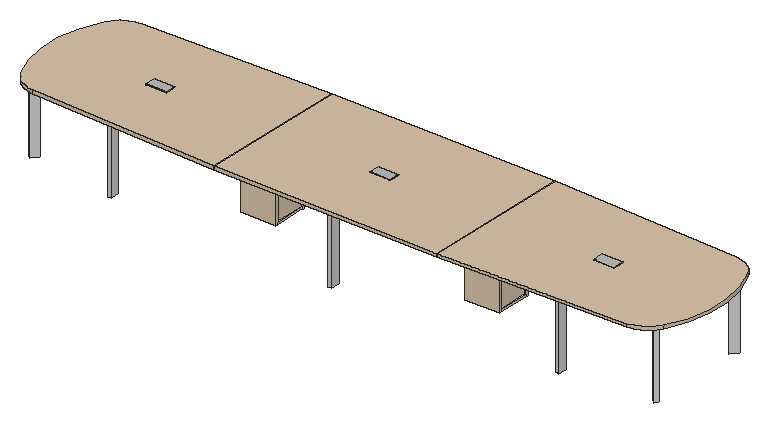
Revit family "Haworth_Planes_ConferenceTable_PebbleThreePiece", category Furniture Systems, Revit 2018 (continued)
Definition of nested family "Haworth_Planes_Worksurface_Pebble_3Piece_PART"
  Definition of nested family "Haworth_Planes_Worksurface_Pebble60_3Pieces_Part"
    Automatic sketch dimensions
      plane 1 "Center F/B" to Extrusion 12 sketch curve = 29.83876"
      Extrusion 12 sketch curve to Extrusion 12 sketch curve = 14.4517"  (x2)
      Extrusion 12 sketch curve to Extrusion 12 sketch curve = 15.38706"  (x2)
      Extrusion 12 sketch curve to Extrusion 12 sketch curve = 30.77411"  (x2)
      Extrusion 12 sketch curve to Extrusion 12 sketch curve = 29.83876"  (x2)
      Extrusion 12 sketch curve to Extrusion 12 sketch curve = 9.72985"
      Extrusion 12 sketch curve to plane 3 "Center L/R" = 109.71312"
      plane 1 "Center F/B" to Extrusion 12 sketch curve = 881.21716"
      Extrusion 12 sketch curve to plane 3 "Center L/R" = 43.34555"  (x2)
      Extrusion 12 sketch curve to Extrusion 12 sketch curve = 851.3784"
      Extrusion 13 sketch curve to Extrusion 13 sketch curve = 0"  (x8)
      Extrusion 13 sketch curve to Extrusion 13 sketch curve = 29.19336"  (x2)
      Extrusion 13 sketch curve to Extrusion 13 sketch curve = 85.68"
      Extrusion 13 sketch curve to Extrusion 13 sketch curve = 88.69277"  (x2)
      Extrusion 13 sketch curve to Extrusion 13 sketch curve = 40.68"  (x2)
      plane 1 "Center F/B" to Extrusion 13 sketch curve = 29.83883"
      Extrusion 13 sketch curve to Extrusion 13 sketch curve = 14.45223"  (x2)
      Extrusion 13 sketch curve to Extrusion 13 sketch curve = 15.3866"  (x2)
      Extrusion 13 sketch curve to Extrusion 13 sketch curve = 30.7732"  (x2)
      Extrusion 13 sketch curve to Extrusion 13 sketch curve = 29.83883"  (x2)
      Extrusion 13 sketch curve to Extrusion 13 sketch curve = 9.75562"  (x2)
      Extrusion 13 sketch curve to plane 3 "Center L/R" = 112.71336"
      plane 1 "Center F/B" to Extrusion 13 sketch curve = 935.95104"  (x2)
      Extrusion 13 sketch curve to plane 3 "Center L/R" = 44.34639"  (x2)
      Extrusion 13 sketch curve to Extrusion 13 sketch curve = 906.11222"
      Extrusion 14 sketch curve to Extrusion 14 sketch curve = 0"  (x9)
      Extrusion 14 sketch curve to Extrusion 14 sketch curve = 29.19362"  (x2)
      Extrusion 14 sketch curve to Extrusion 14 sketch curve = 87.68"
      Extrusion 14 sketch curve to Extrusion 14 sketch curve = 90.69442"  (x2)
      Extrusion 14 sketch curve to Extrusion 14 sketch curve = 42.68"  (x2)
      plane 1 "Center F/B" to Extrusion 14 sketch curve = 29.83889"
      Extrusion 14 sketch curve to Extrusion 14 sketch curve = 14.45277"  (x2)
      Extrusion 14 sketch curve to Extrusion 14 sketch curve = 15.38612"  (x2)
      Extrusion 14 sketch curve to Extrusion 14 sketch curve = 30.77223"  (x2)
      Extrusion 14 sketch curve to Extrusion 14 sketch curve = 29.83889"  (x2)
      Extrusion 14 sketch curve to Extrusion 14 sketch curve = 9.77993"
      Extrusion 14 sketch curve to plane 3 "Center L/R" = 115.71362"
      plane 1 "Center F/B" to Extrusion 14 sketch curve = 992.28412"  (x2)
      Extrusion 14 sketch curve to plane 3 "Center L/R" = 45.34721"  (x2)
      Extrusion 14 sketch curve to Extrusion 14 sketch curve = 962.44523"
      Extrusion 15 sketch curve to plane 3 "Center L/R" = 118.71388"
      Extrusion 15 sketch curve to Extrusion 15 sketch curve = 0"  (x10)
      Extrusion 15 sketch curve to Extrusion 15 sketch curve = 29.19388"  (x2)
      plane 1 "Center F/B" to Extrusion 15 sketch curve = 1050.21638"  (x2)
      Extrusion 15 sketch curve to plane 3 "Center L/R" = 46.34801"  (x2)
      Extrusion 15 sketch curve to Extrusion 15 sketch curve = 44.68"  (x2)
      Extrusion 15 sketch curve to Extrusion 15 sketch curve = 89.68"
      Extrusion 15 sketch curve to Extrusion 15 sketch curve = 92.69603"  (x2)
      plane 1 "Center F/B" to Extrusion 15 sketch curve = 29.83895"
      Extrusion 15 sketch curve to Extrusion 15 sketch curve = 14.45333"  (x2)
      Extrusion 15 sketch curve to Extrusion 15 sketch curve = 15.38562"  (x2)
      Extrusion 15 sketch curve to Extrusion 15 sketch curve = 30.77123"  (x2)
      Extrusion 15 sketch curve to Extrusion 15 sketch curve = 29.83895"  (x2)
      Extrusion 15 sketch curve to Extrusion 15 sketch curve = 1020.37743"
      plane 1 "Center F/B" to Extrusion 16 sketch curve = 29.83731"
      Extrusion 16 sketch curve to plane 3 "Center L/R" = 30.84"
      Extrusion 16 sketch curve to Extrusion 16 sketch curve = 61.68"
      Extrusion 16 sketch curve to Extrusion 16 sketch curve = 59.67461"
      plane 1 "Center F/B" to Extrusion 17 sketch curve = 29.83752"
      Extrusion 17 sketch curve to plane 3 "Center L/R" = 31.84"
      Extrusion 17 sketch curve to Extrusion 17 sketch curve = 63.68"
      Extrusion 17 sketch curve to Extrusion 17 sketch curve = 59.67505"
      plane 1 "Center F/B" to Extrusion 18 sketch curve = 29.83772"
      Extrusion 18 sketch curve to plane 3 "Center L/R" = 32.84"
      Extrusion 18 sketch curve to Extrusion 18 sketch curve = 65.68"
      Extrusion 18 sketch curve to Extrusion 18 sketch curve = 59.67543"
      plane 1 "Center F/B" to Extrusion 19 sketch curve = 29.83789"
      Extrusion 19 sketch curve to plane 3 "Center L/R" = 33.84"
      Extrusion 19 sketch curve to Extrusion 19 sketch curve = 67.68"
      Extrusion 19 sketch curve to Extrusion 19 sketch curve = 59 173/256"
      plane 1 "Center F/B" to Extrusion 20 sketch curve = 29.83804"
      Extrusion 20 sketch curve to plane 3 "Center L/R" = 34.84"
      Extrusion 20 sketch curve to Extrusion 20 sketch curve = 69.68"
      Extrusion 20 sketch curve to Extrusion 20 sketch curve = 59.67608"
      Extrusion 21 sketch curve to plane 3 "Center L/R" = 35.84"
      Extrusion 21 sketch curve to Extrusion 21 sketch curve = 71.68"
      plane 1 "Center F/B" to Extrusion 21 sketch curve = 29.83817"
      Extrusion 21 sketch curve to Extrusion 21 sketch curve = 59.67635"
      Extrusion 22 sketch curve to plane 3 "Center L/R" = 36.84"
      Extrusion 22 sketch curve to Extrusion 22 sketch curve = 73.68"
      plane 1 "Center F/B" to Extrusion 22 sketch curve = 29.8383"
      Extrusion 22 sketch curve to Extrusion 22 sketch curve = 59.67659"
      Extrusion 23 sketch curve to plane 3 "Center L/R" = 37.84"
      Extrusion 23 sketch curve to Extrusion 23 sketch curve = 75.68"
      plane 1 "Center F/B" to Extrusion 23 sketch curve = 29.83841"
      Extrusion 23 sketch curve to Extrusion 23 sketch curve = 59.67681"
      Extrusion 24 sketch curve to plane 3 "Center L/R" = 39.84"
      Extrusion 24 sketch curve to Extrusion 24 sketch curve = 79.68"
      plane 1 "Center F/B" to Extrusion 24 sketch curve = 29.8386"
      Extrusion 24 sketch curve to Extrusion 24 sketch curve = 59.6772"
      Extrusion 25 sketch curve to plane 3 "Center L/R" = 40.84"
      Extrusion 25 sketch curve to Extrusion 25 sketch curve = 81.68"
      plane 1 "Center F/B" to Extrusion 25 sketch curve = 29.83868"
      Extrusion 25 sketch curve to Extrusion 25 sketch curve = 59.67736"
      Extrusion 26 sketch curve to plane 3 "Center L/R" = 41.84"
      Extrusion 26 sketch curve to Extrusion 26 sketch curve = 83.68"
      plane 1 "Center F/B" to Extrusion 26 sketch curve = 29.83876"
      Extrusion 26 sketch curve to Extrusion 26 sketch curve = 59.67751"
      Extrusion 27 sketch curve to plane 3 "Center L/R" = 42.84"
      Extrusion 27 sketch curve to Extrusion 27 sketch curve = 85.68"
      plane 1 "Center F/B" to Extrusion 27 sketch curve = 29.83883"
      Extrusion 27 sketch curve to Extrusion 27 sketch curve = 59.67765"
      Extrusion 28 sketch curve to plane 3 "Center L/R" = 43.84"
      Extrusion 28 sketch curve to Extrusion 28 sketch curve = 87.68"
      plane 1 "Center F/B" to Extrusion 28 sketch curve = 29.83889"
      Extrusion 28 sketch curve to Extrusion 28 sketch curve = 59.67778"
      Extrusion 29 sketch curve to plane 3 "Center L/R" = 44.84"
      Extrusion 29 sketch curve to Extrusion 29 sketch curve = 89.68"
      plane 1 "Center F/B" to Extrusion 29 sketch curve = 29.83895"
      Extrusion 29 sketch curve to Extrusion 29 sketch curve = 59.67789"
      Extrusion 30 sketch curve to plane 3 "Center L/R" = 38.84"
      Extrusion 30 sketch curve to Extrusion 30 sketch curve = 77.68"
      plane 1 "Center F/B" to Extrusion 30 sketch curve = 29.83851"
      Extrusion 30 sketch curve to Extrusion 30 sketch curve = 59.67701"
      Masking region 1 sketch curve to plane 1 "Center F/B" = 15.38868"
      Masking region 1 sketch curve to plane 3 "Center L/R" = 76.71227"
      Masking region 1 sketch curve to Masking region 1 sketch curve = 0"  (x7)
      Masking region 1 sketch curve to Masking region 1 sketch curve = 29.19227"  (x2)
      Masking region 1 sketch curve to Masking region 1 sketch curve = 15.18"  (x3)
      Masking region 1 sketch curve to Masking region 1 sketch curve = 0.00563"  (x2)
      Masking region 1 sketch curve to Masking region 1 sketch curve = 64.66874"  (x2)
      Masking region 1 sketch curve to Masking region 1 sketch curve = 64.68"
      Masking region 1 sketch curve to Masking region 1 sketch curve = 15.38868"  (x2)
      Masking region 1 sketch curve to plane 1 "Center F/B" = 0"
      Masking region 1 sketch curve to Masking region 1 sketch curve = 30.77737"  (x2)
      Masking region 1 sketch curve to Masking region 1 sketch curve = 29.84"  (x2)
      plane 1 "Center F/B" to Masking region 1 sketch curve = 384.69084"
      Masking region 1 sketch curve to Masking region 1 sketch curve = 354.85084"
      Masking region 1 sketch curve to Masking region 1 sketch curve = 1.07982"  (x4)
      Masking region 2 sketch curve to plane 1 "Center F/B" = 15.38868"
      Masking region 2 sketch curve to plane 3 "Center L/R" = 79.71227"
      Masking region 2 sketch curve to Masking region 2 sketch curve = 0"  (x8)
      Masking region 2 sketch curve to Masking region 2 sketch curve = 29.19227"  (x2)
      Masking region 2 sketch curve to Masking region 2 sketch curve = 17.18"  (x3)
      Masking region 2 sketch curve to Masking region 2 sketch curve = 0.0044"  (x2)
      Masking region 2 sketch curve to Masking region 2 sketch curve = 66.6712"  (x2)
      Masking region 2 sketch curve to Masking region 2 sketch curve = 66.68"
      Masking region 2 sketch curve to Masking region 2 sketch curve = 15.38868"  (x2)
      Masking region 2 sketch curve to Masking region 2 sketch curve = 30.77737"  (x2)
      Masking region 2 sketch curve to Masking region 2 sketch curve = 29.84"  (x2)
      plane 1 "Center F/B" to Masking region 2 sketch curve = 421.83365"
      Masking region 2 sketch curve to Masking region 2 sketch curve = 391.99365"
      Masking region 2 sketch curve to Masking region 2 sketch curve = 1.07982"  (x4)
      Masking region 3 sketch curve to plane 1 "Center F/B" = 15.38868"
      Masking region 3 sketch curve to plane 3 "Center L/R" = 82.71227"
      Masking region 3 sketch curve to Masking region 3 sketch curve = 0"  (x10)
      Masking region 3 sketch curve to Masking region 3 sketch curve = 29.19227"  (x2)
      Masking region 3 sketch curve to Masking region 3 sketch curve = 19.18323"  (x3)
      Masking region 3 sketch curve to Masking region 3 sketch curve = 68.67354"  (x3)
      Masking region 3 sketch curve to Masking region 3 sketch curve = 15.38868"  (x2)
      Masking region 3 sketch curve to Masking region 3 sketch curve = 30.77737"  (x2)
      Masking region 3 sketch curve to Masking region 3 sketch curve = 29.84"  (x2)
      plane 1 "Center F/B" to Masking region 3 sketch curve = 460.57566"
      Masking region 3 sketch curve to Masking region 3 sketch curve = 430.73566"
      Masking region 3 sketch curve to Masking region 3 sketch curve = 1.07982"  (x4)
      Masking region 4 sketch curve to plane 1 "Center F/B" = 15.38868"
      Masking region 4 sketch curve to plane 3 "Center L/R" = 85.71227"
      Masking region 4 sketch curve to Masking region 4 sketch curve = 0"  (x9)
      Masking region 4 sketch curve to Masking region 4 sketch curve = 29.19227"  (x2)
      Masking region 4 sketch curve to Masking region 4 sketch curve = 21.18211"  (x3)
      plane 1 "Center F/B" to Masking region 4 sketch curve = 500.91685"
      Masking region 4 sketch curve to Masking region 4 sketch curve = 70 173/256"  (x3)
      Masking region 4 sketch curve to Masking region 4 sketch curve = 45.22868"
      Masking region 4 sketch curve to Masking region 4 sketch curve = 30.77737"  (x2)
      Masking region 4 sketch curve to Masking region 4 sketch curve = 14.45132"
      Masking region 4 sketch curve to Masking region 4 sketch curve = 15.38868"  (x2)
      Masking region 4 sketch curve to Masking region 4 sketch curve = 29.84"
      Masking region 4 sketch curve to Masking region 4 sketch curve = 471.07685"
      Masking region 4 sketch curve to Masking region 4 sketch curve = 1.07982"  (x4)
      Masking region 5 sketch curve to plane 3 "Center L/R" = 88.71227"
      Masking region 5 sketch curve to Masking region 5 sketch curve = 0"  (x9)
      Masking region 5 sketch curve to Masking region 5 sketch curve = 29.19227"  (x2)
      Masking region 5 sketch curve to Masking region 5 sketch curve = 23.18103"  (x3)
      plane 1 "Center F/B" to Masking region 5 sketch curve = 542.85723"
      Masking region 5 sketch curve to Masking region 5 sketch curve = 72.67793"  (x3)
      plane 1 "Center F/B" to Masking region 5 sketch curve = 29.84"
      Masking region 5 sketch curve to Masking region 5 sketch curve = 14.45132"  (x2)
      Masking region 5 sketch curve to Masking region 5 sketch curve = 15.38868"  (x2)
      Masking region 5 sketch curve to Masking region 5 sketch curve = 30.77737"  (x2)
      Masking region 5 sketch curve to Masking region 5 sketch curve = 29.84"
      Masking region 5 sketch curve to Masking region 5 sketch curve = 513.01723"
      Masking region 5 sketch curve to Masking region 5 sketch curve = 1.07982"  (x4)
      Masking region 6 sketch curve to plane 3 "Center L/R" = 91.71227"
      Masking region 6 sketch curve to Masking region 6 sketch curve = 0"  (x12)
      Masking region 6 sketch curve to Masking region 6 sketch curve = 29.19227"  (x2)
      Masking region 6 sketch curve to Masking region 6 sketch curve = 25.18"  (x2)
      plane 1 "Center F/B" to Masking region 6 sketch curve = 586.3968"
      Masking region 6 sketch curve to Masking region 6 sketch curve = 74.68"
      plane 1 "Center F/B" to Masking region 6 sketch curve = 29.84"
      Masking region 6 sketch curve to Masking region 6 sketch curve = 14.45132"  (x2)
      Masking region 6 sketch curve to Masking region 6 sketch curve = 15.38868"  (x2)
      Masking region 6 sketch curve to Masking region 6 sketch curve = 30.77737"  (x2)
      Masking region 6 sketch curve to Masking region 6 sketch curve = 29.84"
      Masking region 6 sketch curve to Masking region 6 sketch curve = 556.5568"
      Masking region 7 sketch curve to plane 3 "Center L/R" = 94.71227"
      Masking region 7 sketch curve to Masking region 7 sketch curve = 0"  (x7)
      Masking region 7 sketch curve to Masking region 7 sketch curve = 29.19227"  (x2)
      plane 1 "Center F/B" to Masking region 7 sketch curve = 631.53555"
      Masking region 7 sketch curve to Masking region 7 sketch curve = 56.37127"  (x2)
      Masking region 7 sketch curve to Masking region 7 sketch curve = 27.179"  (x3)
      Masking region 7 sketch curve to Masking region 7 sketch curve = 76.68199"  (x3)
      plane 1 "Center F/B" to Masking region 7 sketch curve = 29.84"
      Masking region 7 sketch curve to Masking region 7 sketch curve = 14.45132"  (x2)
      Masking region 7 sketch curve to Masking region 7 sketch curve = 15.38868"  (x2)
      Masking region 7 sketch curve to Masking region 7 sketch curve = 30.77737"  (x2)
      Masking region 7 sketch curve to Masking region 7 sketch curve = 29.84"
      Masking region 7 sketch curve to Masking region 7 sketch curve = 601.69555"
      Masking region 7 sketch curve to Masking region 7 sketch curve = 1.07982"  (x4)
      Masking region 8 sketch curve to plane 3 "Center L/R" = 97.71227"
      Masking region 8 sketch curve to Masking region 8 sketch curve = 0"  (x7)
      Masking region 8 sketch curve to Masking region 8 sketch curve = 29.19227"  (x2)
      plane 1 "Center F/B" to Masking region 8 sketch curve = 678.2735"
      Masking region 8 sketch curve to Masking region 8 sketch curve = 58.37031"  (x2)
      Masking region 8 sketch curve to Masking region 8 sketch curve = 29.17804"  (x3)
      Masking region 8 sketch curve to Masking region 8 sketch curve = 78.68392"  (x3)
      plane 1 "Center F/B" to Masking region 8 sketch curve = 29.84"
      Masking region 8 sketch curve to Masking region 8 sketch curve = 14.45132"  (x2)
      Masking region 8 sketch curve to Masking region 8 sketch curve = 15.38868"  (x2)
      Masking region 8 sketch curve to Masking region 8 sketch curve = 30.77737"  (x2)
      Masking region 8 sketch curve to Masking region 8 sketch curve = 29.84"
      Masking region 8 sketch curve to Masking region 8 sketch curve = 648.4335"
      Masking region 8 sketch curve to Masking region 8 sketch curve = 1.07982"  (x4)
      Masking region 9 sketch curve to plane 3 "Center L/R" = 100.71227"
      Masking region 9 sketch curve to Masking region 9 sketch curve = 0"  (x7)
      Masking region 9 sketch curve to Masking region 9 sketch curve = 29.19227"  (x2)
      plane 1 "Center F/B" to Masking region 9 sketch curve = 726.61063"
      Masking region 9 sketch curve to plane 3 "Center L/R" = 40.3429"  (x2)
      Masking region 9 sketch curve to Masking region 9 sketch curve = 31.1771"  (x3)
      Masking region 9 sketch curve to Masking region 9 sketch curve = 80.68579"  (x3)
      plane 1 "Center F/B" to Masking region 9 sketch curve = 29.84"
      Masking region 9 sketch curve to Masking region 9 sketch curve = 14.45132"  (x2)
      Masking region 9 sketch curve to Masking region 9 sketch curve = 15.38868"  (x2)
      Masking region 9 sketch curve to Masking region 9 sketch curve = 30.77737"  (x2)
      Masking region 9 sketch curve to Masking region 9 sketch curve = 29.84"
      Masking region 9 sketch curve to Masking region 9 sketch curve = 696.77063"
      Masking region 9 sketch curve to Masking region 9 sketch curve = 1.07982"  (x4)
      Masking region 10 sketch curve to plane 3 "Center L/R" = 103.71227"
      Masking region 10 sketch curve to Masking region 10 sketch curve = 0"  (x7)
      Masking region 10 sketch curve to Masking region 10 sketch curve = 29.19227"  (x2)
      plane 1 "Center F/B" to Masking region 10 sketch curve = 776.54695"
      Masking region 10 sketch curve to plane 3 "Center L/R" = 41.3438"  (x2)
      Masking region 10 sketch curve to Masking region 10 sketch curve = 33.1762"  (x3)
      Masking region 10 sketch curve to Masking region 10 sketch curve = 82.68761"  (x3)
      plane 1 "Center F/B" to Masking region 10 sketch curve = 29.84"
      Masking region 10 sketch curve to Masking region 10 sketch curve = 14.45132"  (x2)
      Masking region 10 sketch curve to Masking region 10 sketch curve = 15.38868"  (x2)
      Masking region 10 sketch curve to Masking region 10 sketch curve = 30.77737"  (x2)
      Masking region 10 sketch curve to Masking region 10 sketch curve = 29.84"
      Masking region 10 sketch curve to Masking region 10 sketch curve = 746.70695"
      Masking region 10 sketch curve to Masking region 10 sketch curve = 1.07982"  (x4)
      Masking region 11 sketch curve to plane 3 "Center L/R" = 106.71227"
      Masking region 11 sketch curve to Masking region 11 sketch curve = 0"  (x7)
      Masking region 11 sketch curve to Masking region 11 sketch curve = 29.19227"  (x2)
      plane 1 "Center F/B" to Masking region 11 sketch curve = 828.08246"
      Masking region 11 sketch curve to plane 3 "Center L/R" = 42.34469"  (x2)
      Masking region 11 sketch curve to Masking region 11 sketch curve = 35.18"  (x3)
      Masking region 11 sketch curve to Masking region 11 sketch curve = 84.68"
      Masking region 11 sketch curve to Masking region 11 sketch curve = 84.68937"  (x2)
      plane 1 "Center F/B" to Masking region 11 sketch curve = 29.84"
      Masking region 11 sketch curve to Masking region 11 sketch curve = 14.45132"  (x2)
      Masking region 11 sketch curve to Masking region 11 sketch curve = 15.38868"  (x2)
      Masking region 11 sketch curve to Masking region 11 sketch curve = 30.77737"  (x2)
      Masking region 11 sketch curve to Masking region 11 sketch curve = 29.84"
      Masking region 11 sketch curve to Masking region 11 sketch curve = 798.24246"
      Masking region 11 sketch curve to Masking region 11 sketch curve = 1.07982"  (x4)
      Masking region 12 sketch curve to plane 3 "Center L/R" = 109.71227"
      Masking region 12 sketch curve to Masking region 12 sketch curve = 0"  (x7)
      Masking region 12 sketch curve to Masking region 12 sketch curve = 29.19227"  (x2)
      plane 1 "Center F/B" to Masking region 12 sketch curve = 881.21716"
      Masking region 12 sketch curve to plane 3 "Center L/R" = 43.34555"  (x2)
      Masking region 12 sketch curve to Masking region 12 sketch curve = 37.18"  (x3)
      Masking region 12 sketch curve to Masking region 12 sketch curve = 86.68"
      Masking region 12 sketch curve to Masking region 12 sketch curve = 86.69109"  (x2)
      plane 1 "Center F/B" to Masking region 12 sketch curve = 29.84"
      Masking region 12 sketch curve to Masking region 12 sketch curve = 14.45132"  (x2)
      Masking region 12 sketch curve to Masking region 12 sketch curve = 15.38868"  (x2)
      Masking region 12 sketch curve to Masking region 12 sketch curve = 30.77737"  (x2)
      Masking region 12 sketch curve to Masking region 12 sketch curve = 29.84"
      Masking region 12 sketch curve to Masking region 12 sketch curve = 851.37716"
      Masking region 12 sketch curve to Masking region 12 sketch curve = 1.07982"  (x4)
      Masking region 13 sketch curve to plane 3 "Center L/R" = 112.71227"
      Masking region 13 sketch curve to Masking region 13 sketch curve = 0"  (x6)
      Masking region 13 sketch curve to Masking region 13 sketch curve = 29.19227"  (x2)
      plane 1 "Center F/B" to Masking region 13 sketch curve = 935.95104"  (x2)
      Masking region 13 sketch curve to plane 3 "Center L/R" = 44.34639"  (x2)
      Masking region 13 sketch curve to Masking region 13 sketch curve = 39.18"  (x3)
      Masking region 13 sketch curve to Masking region 13 sketch curve = 88.68"
      Masking region 13 sketch curve to Masking region 13 sketch curve = 88.69277"  (x2)
      plane 1 "Center F/B" to Masking region 13 sketch curve = 29.84"
      Masking region 13 sketch curve to Masking region 13 sketch curve = 14.45132"  (x2)
      Masking region 13 sketch curve to Masking region 13 sketch curve = 15.38868"  (x2)
      Masking region 13 sketch curve to Masking region 13 sketch curve = 30.77737"  (x2)
      Masking region 13 sketch curve to Masking region 13 sketch curve = 29.84"
      Masking region 13 sketch curve to Masking region 13 sketch curve = 906.11104"
      Masking region 13 sketch curve to Masking region 13 sketch curve = 1.07982"  (x4)
      Masking region 14 sketch curve to plane 3 "Center L/R" = 115.71227"
      Masking region 14 sketch curve to Masking region 14 sketch curve = 0"  (x6)
      Masking region 14 sketch curve to Masking region 14 sketch curve = 29.19227"  (x2)
      plane 1 "Center F/B" to Masking region 14 sketch curve = 992.28412"  (x2)
      Masking region 14 sketch curve to plane 3 "Center L/R" = 45.34721"  (x2)
      Masking region 14 sketch curve to Masking region 14 sketch curve = 41.18"  (x3)
      Masking region 14 sketch curve to Masking region 14 sketch curve = 90.68"
      Masking region 14 sketch curve to Masking region 14 sketch curve = 90.69442"  (x2)
      plane 1 "Center F/B" to Masking region 14 sketch curve = 29.84"
      Masking region 14 sketch curve to Masking region 14 sketch curve = 14.45132"  (x2)
      Masking region 14 sketch curve to Masking region 14 sketch curve = 15.38868"  (x2)
      Masking region 14 sketch curve to Masking region 14 sketch curve = 30.77737"  (x2)
      Masking region 14 sketch curve to Masking region 14 sketch curve = 29.84"
      Masking region 14 sketch curve to Masking region 14 sketch curve = 962.44412"
      Masking region 14 sketch curve to Masking region 14 sketch curve = 1.07982"  (x4)
      Masking region 15 sketch curve to plane 3 "Center L/R" = 118.71227"
      Masking region 15 sketch curve to Masking region 15 sketch curve = 0"  (x6)
      Masking region 15 sketch curve to Masking region 15 sketch curve = 29.19227"  (x2)
      plane 1 "Center F/B" to Masking region 15 sketch curve = 1050.21638"  (x2)
      Masking region 15 sketch curve to plane 3 "Center L/R" = 46.34801"  (x2)
      Masking region 15 sketch curve to Masking region 15 sketch curve = 43.18"  (x3)
      Masking region 15 sketch curve to Masking region 15 sketch curve = 92.68"
      Masking region 15 sketch curve to Masking region 15 sketch curve = 92.69603"  (x2)
      plane 1 "Center F/B" to Masking region 15 sketch curve = 29.84"
      Masking region 15 sketch curve to Masking region 15 sketch curve = 14.45132"  (x2)
      Masking region 15 sketch curve to Masking region 15 sketch curve = 15.38868"  (x2)
      Masking region 15 sketch curve to Masking region 15 sketch curve = 30.77737"  (x2)
      Masking region 15 sketch curve to Masking region 15 sketch curve = 29.84"
      Masking region 15 sketch curve to Masking region 15 sketch curve = 1020.37638"
      Masking region 15 sketch curve to Masking region 15 sketch curve = 1.07982"  (x4)
  Definition of nested family "Haworth_Planes_Worksurface_Pebble48_3Pieces_Part"
    Parameters (values of type "Worksurface")
      Width = 180"
      Warranty = "https://www.haworth.com/resources/product-info/warranties"
      URL - Product = ""
      URL = "www.haworth.com"
      Thickness = 1 3/16"
      Table Finish = none
      Table Edge Finish = none
      Revision Number = ""
      Note = "Verify Final Dim. w/ Haworth"  # constant formula
      Min. Width = 186"  # constant formula
      Min. Depth = 48"  # constant formula
      Max. Width = 270"  # constant formula
      Max. Depth = 48"  # constant formula
      Manufacturer = "Haworth"  # constant formula
      Depth = 48"  # constant formula
      Cutout Width = 8"  # constant formula
      Cutout Dimension = 3"  # constant formula
      Cutout Depth = 4"  # constant formula
      Center Cutout Offset = Actual Width / 6  # 31"
      Author = "Haworth (Alias)"  # constant formula
      Assembly Code = ""
      Actual Width = if(Width < Min. Width, Min. Width, if(Width > Max. Width, Max. Width, Width))  # 186"
      Actual Height = 29"
      Actual Depth = if(Depth > Max. Depth, Max. Depth, if(Depth < Min. Depth, Min. Depth, Depth))  # 48"
      270w = and(267" < Actual Width, Actual Width < 271")  # no
      264w = and(261" < Actual Width, Actual Width < 268")  # no
      258w = and(255" < Actual Width, Actual Width < 262")  # no
      252w = and(249" < Actual Width, Actual Width < 256")  # no
      246w = and(243" < Actual Width, Actual Width < 250")  # no
      240w = and(237" < Actual Width, Actual Width < 244")  # no
      234w = and(231" < Actual Width, Actual Width < 238")  # no
      228w = and(225" < Actual Width, Actual Width < 232")  # no
      222w = and(219" < Actual Width, Actual Width < 226")  # no
      216w = and(213" < Actual Width, Actual Width < 220")  # no
      210w = and(207" < Actual Width, Actual Width < 214")  # no
      204w = and(201" < Actual Width, Actual Width < 208")  # no
      198w = and(195" < Actual Width, Actual Width < 202")  # no
      192w = and(189" < Actual Width, Actual Width < 196")  # no
      186w = and(185" < Actual Width, Actual Width < 190")  # yes
    Reference planes (in)
      plane 1 "Center F/B": y = 15
      plane 2 "Bottom": z = 0
      plane 3 "Center L/R": x = 0
      plane 4 "Table Top": z = 29
      plane 5 "Table Bottom": z = 27.8125
      plane 6 "Cutout Top": z = 30
      plane 7 "Cutout Bottom": z = 27
      plane 8 "KnifeEdge Middle": z = 28.625
    Forms (in)
      Extrusion 1, solid, material <- "Table Finish", visible <- "186w"
        sketch origin (246.26584, -94.75657, 0) x (1, 0, 0) y (0, 1, 0)
          loop
            arc (-326.67909, 88.43972) -> (-301.9265, 86.51007) -> (-277.10584, 85.91889) r 459.94167
            line (-277.10584, 85.91889) -> (-277.10584, 133.59424)
            arc (-277.10584, 133.59424) -> (-301.9265, 133.00307) -> (-326.67909, 131.07342) r 459.94167
            arc (-326.67909, 131.07342) -> (-333.096, 128.3663) -> (-336.92861, 122.55113) r 12
            arc (-336.92861, 122.55113) -> (-338.78584, 109.75657) -> (-336.92861, 96.96201) r 45
            arc (-336.92861, 96.96201) -> (-333.096, 91.14684) -> (-326.67909, 88.43972) r 12
          loop
            arc (-215.42584, 85.91889) -> (-190.60517, 86.51007) -> (-165.85258, 88.43972) r 459.94167
            arc (-165.85258, 88.43972) -> (-159.43567, 91.14684) -> (-155.60306, 96.96201) r 12
            arc (-155.60306, 96.96201) -> (-153.74584, 109.75657) -> (-155.60306, 122.55113) r 45
            arc (-155.60306, 122.55113) -> (-159.43567, 128.3663) -> (-165.85258, 131.07342) r 12
            arc (-165.85258, 131.07342) -> (-190.60517, 133.00307) -> (-215.42584, 133.59424) r 459.94167
            line (-215.42584, 133.59424) -> (-215.42584, 85.91889)
        from 27.8125 to 29
      Extrusion 2, solid, material <- "Table Finish", visible <- "192w"
        sketch origin (245.89713, -150.09955, 0) x (1, 0, 0) y (0, 1, 0)
          loop
            arc (-277.73713, 188.93741) -> (-303.53038, 188.34609) -> (-329.25861, 186.42256) r 499.05822
            arc (-329.25861, 186.42256) -> (-335.70698, 183.72678) -> (-339.55957, 177.89527) r 12
            arc (-339.55957, 177.89527) -> (-341.41713, 165.09955) -> (-339.55957, 152.30384) r 45
            arc (-339.55957, 152.30384) -> (-335.70698, 146.47233) -> (-329.25861, 143.77655) r 12
            arc (-329.25861, 143.77655) -> (-303.53038, 141.85302) -> (-277.73713, 141.2617) r 499.05822
            line (-277.73713, 141.2617) -> (-277.73713, 188.93741)
          loop
            arc (-214.05713, 141.2617) -> (-188.26388, 141.85302) -> (-162.53566, 143.77655) r 499.05822
            arc (-162.53566, 143.77655) -> (-156.08728, 146.47233) -> (-152.2347, 152.30384) r 12
            arc (-152.2347, 152.30384) -> (-150.37713, 165.09955) -> (-152.2347, 177.89527) r 45
            arc (-152.2347, 177.89527) -> (-156.08728, 183.72678) -> (-162.53566, 186.42256) r 12
            arc (-162.53566, 186.42256) -> (-188.26388, 188.34609) -> (-214.05713, 188.93741) r 499.05822
            line (-214.05713, 188.93741) -> (-214.05713, 141.2617)
        from 27.8125 to 29
      Extrusion 3, solid, material <- "Table Finish", visible <- "198w"
        sketch origin (245.89713, -203.15312, 0) x (1, 0, 0) y (0, 1, 0)
          loop
            line (-278.73713, 194.31509) -> (-278.73713, 241.99114)
            arc (-278.73713, 241.99114) -> (-305.50522, 241.39959) -> (-332.21104, 239.48139) r 539.77619
            arc (-332.21104, 239.48139) -> (-338.68837, 236.79616) -> (-342.55933, 230.94963) r 12
            arc (-342.55933, 230.94963) -> (-344.41713, 218.15312) -> (-342.55933, 205.3566) r 45
            arc (-342.55933, 205.3566) -> (-338.68837, 199.51008) -> (-332.21104, 196.82484) r 12
            arc (-332.21104, 196.82484) -> (-305.50522, 194.90665) -> (-278.73713, 194.31509) r 539.77619
          loop
            arc (-213.05713, 194.31509) -> (-186.28905, 194.90665) -> (-159.58322, 196.82484) r 539.77619
            arc (-159.58322, 196.82484) -> (-153.1059, 199.51008) -> (-149.23494, 205.3566) r 12
            arc (-149.23494, 205.3566) -> (-147.37713, 218.15312) -> (-149.23494, 230.94963) r 45
            arc (-149.23494, 230.94963) -> (-153.1059, 236.79616) -> (-159.58322, 239.48139) r 12
            arc (-159.58322, 239.48139) -> (-186.28905, 241.39959) -> (-213.05713, 241.99114) r 539.77619
            line (-213.05713, 241.99114) -> (-213.05713, 194.31509)
        from 27.8125 to 29
      Extrusion 4, solid, material <- "Table Finish", visible <- "204w"
        sketch origin (245.89713, -254.92312, 0) x (1, 0, 0) y (0, 1, 0)
          loop
            arc (-212.05713, 246.08496) -> (-184.31223, 246.6768) -> (-156.62706, 248.59033) r 582.09556
            arc (-156.62706, 248.59033) -> (-150.12302, 251.26571) -> (-146.23509, 257.12611) r 12
            arc (-146.23509, 257.12611) -> (-144.37713, 269.92312) -> (-146.23509, 282.72014) r 45
            arc (-146.23509, 282.72014) -> (-150.12302, 288.58053) -> (-156.62706, 291.25592) r 12
            arc (-156.62706, 291.25592) -> (-184.31223, 293.16944) -> (-212.05713, 293.76129) r 582.09556
            line (-212.05713, 293.76129) -> (-212.05713, 246.08496)
          loop
            line (-279.73713, 246.08496) -> (-279.73713, 293.76129)
            arc (-279.73713, 293.76129) -> (-307.48204, 293.16944) -> (-335.1672, 291.25592) r 582.09556
            arc (-335.1672, 291.25592) -> (-341.67125, 288.58053) -> (-345.55918, 282.72014) r 12
            arc (-345.55918, 282.72014) -> (-347.41713, 269.92312) -> (-345.55918, 257.12611) r 45
            arc (-345.55918, 257.12611) -> (-341.67125, 251.26571) -> (-335.1672, 248.59033) r 12
            arc (-335.1672, 248.59033) -> (-307.48204, 246.6768) -> (-279.73713, 246.08496) r 582.09556
        from 27.8125 to 29
      Extrusion 5, solid, material <- "Table Finish", visible <- "210w"
        sketch origin (245.87065, -306, 0) x (1, 0, 0) y (0, 1, 0)
          loop
            arc (-211.03065, 297.05204) -> (-182.30718, 297.64422) -> (-153.64113, 299.55364) r 626.01635
            arc (-153.64113, 299.55364) -> (-147.11234, 302.21981) -> (-143.20868, 308.09305) r 12
            arc (-143.20868, 308.09305) -> (-141.35065, 320.89033) -> (-143.20868, 333.68762) r 45
            arc (-143.20868, 333.68762) -> (-147.11234, 339.56085) -> (-153.64113, 342.22702) r 12
            arc (-153.64113, 342.22702) -> (-182.30718, 344.13644) -> (-211.03065, 344.72863) r 626.01635
            line (-211.03065, 344.72863) -> (-211.03065, 297.05204)
          loop
            line (-280.71065, 297.05204) -> (-280.71065, 344.72863)
            arc (-280.71065, 344.72863) -> (-309.43412, 344.13644) -> (-338.10017, 342.22702) r 626.01635
            arc (-338.10017, 342.22702) -> (-344.62895, 339.56085) -> (-348.53262, 333.68762) r 12
            arc (-348.53262, 333.68762) -> (-350.39065, 320.89033) -> (-348.53262, 308.09305) r 45
            arc (-348.53262, 308.09305) -> (-344.62895, 302.21981) -> (-338.10017, 299.55364) r 12
            arc (-338.10017, 299.55364) -> (-309.43412, 297.64422) -> (-280.71065, 297.05204) r 626.01635
        from 27.8125 to 29
      Extrusion 6, solid, material <- "Table Finish", visible <- "216w"
        sketch origin (246.29755, -358.08819, 0) x (1, 0, 0) y (0, 1, 0)
          loop
            line (-282.13755, 349.24978) -> (-282.13755, 396.9266)
            arc (-282.13755, 396.9266) -> (-311.84115, 396.33403) -> (-341.48946, 394.42825) r 671.53854
            arc (-341.48946, 394.42825) -> (-348.04122, 391.77072) -> (-351.9595, 385.88555) r 12
            arc (-351.9595, 385.88555) -> (-353.81755, 373.08819) -> (-351.9595, 360.29083) r 45
            arc (-351.9595, 360.29083) -> (-348.04122, 354.40566) -> (-341.48946, 351.74813) r 12
            arc (-341.48946, 351.74813) -> (-311.84115, 349.84235) -> (-282.13755, 349.24978) r 671.53854
          loop
            arc (-210.45755, 349.24978) -> (-180.75396, 349.84235) -> (-151.10565, 351.74813) r 671.53854
            arc (-151.10565, 351.74813) -> (-144.55389, 354.40566) -> (-140.63561, 360.29083) r 12
            arc (-140.63561, 360.29083) -> (-138.77755, 373.08819) -> (-140.63561, 385.88555) r 45
            arc (-140.63561, 385.88555) -> (-144.55389, 391.77072) -> (-151.10565, 394.42825) r 12
            arc (-151.10565, 394.42825) -> (-180.75396, 396.33403) -> (-210.45755, 396.9266) r 671.53854
            line (-210.45755, 396.9266) -> (-210.45755, 349.24978)
        from 27.8125 to 29
      Extrusion 7, solid, material <- "Table Finish", visible <- "222w"
        sketch origin (245.44136, -409.00645, 0) x (1, 0, 0) y (0, 1, 0)
          loop
            arc (-208.60136, 400.16793) -> (-177.91626, 400.7609) -> (-147.28445, 402.66346) r 718.66215
            arc (-147.28445, 402.66346) -> (-140.71129, 405.31288) -> (-136.77939, 411.20916) r 12
            arc (-136.77939, 411.20916) -> (-134.92136, 424.00645) -> (-136.77939, 436.80374) r 45
            arc (-136.77939, 436.80374) -> (-140.71129, 442.70001) -> (-147.28445, 445.34943) r 12
            arc (-147.28445, 445.34943) -> (-177.91626, 447.25199) -> (-208.60136, 447.84496) r 718.66215
            line (-208.60136, 447.84496) -> (-208.60136, 400.16793)
          loop
            line (-282.28136, 400.16793) -> (-282.28136, 447.84496)
            arc (-282.28136, 447.84496) -> (-312.96646, 447.25199) -> (-343.59827, 445.34943) r 718.66215
            arc (-343.59827, 445.34943) -> (-350.17143, 442.70001) -> (-354.10333, 436.80374) r 12
            arc (-354.10333, 436.80374) -> (-355.96136, 424.00645) -> (-354.10333, 411.20916) r 45
            arc (-354.10333, 411.20916) -> (-350.17143, 405.31288) -> (-343.59827, 402.66346) r 12
            arc (-343.59827, 402.66346) -> (-312.96646, 400.7609) -> (-282.28136, 400.16793) r 718.66215
        from 27.8125 to 29
      Extrusion 8, solid, material <- "Table Finish", visible <- "228w"
        sketch origin (245.81191, -460.95037, 0) x (1, 0, 0) y (0, 1, 0)
          loop
            line (-283.65191, 452.11176) -> (-283.65191, 499.78898)
            arc (-283.65191, 499.78898) -> (-315.31977, 499.19558) -> (-346.93617, 497.2959) r 767.38717
            arc (-346.93617, 497.2959) -> (-353.52932, 494.65411) -> (-357.47394, 488.74746) r 12
            arc (-357.47394, 488.74746) -> (-359.33191, 475.95037) -> (-357.47394, 463.15328) r 45
            arc (-357.47394, 463.15328) -> (-353.52932, 457.24663) -> (-346.93617, 454.60484) r 12
            arc (-346.93617, 454.60484) -> (-315.31977, 452.70516) -> (-283.65191, 452.11176) r 767.38717
          loop
            arc (-207.97191, 452.11176) -> (-176.30405, 452.70516) -> (-144.68765, 454.60484) r 767.38717
            arc (-144.68765, 454.60484) -> (-138.09451, 457.24663) -> (-134.14989, 463.15328) r 12
            arc (-134.14989, 463.15328) -> (-132.29191, 475.95037) -> (-134.14989, 488.74746) r 45
            arc (-134.14989, 488.74746) -> (-138.09451, 494.65411) -> (-144.68765, 497.2959) r 12
            arc (-144.68765, 497.2959) -> (-176.30405, 499.19558) -> (-207.97191, 499.78898) r 767.38717
            line (-207.97191, 499.78898) -> (-207.97191, 452.11176)
        from 27.8125 to 29
      Extrusion 9, solid, material <- "Table Finish", visible <- "234w"
        sketch origin (245.81191, -514.33881, 0) x (1, 0, 0) y (0, 1, 0)
          loop
            arc (-206.97191, 505.50011) -> (-174.32017, 506.09395) -> (-141.71818, 507.99107) r 817.7136
            arc (-141.71818, 507.99107) -> (-135.10634, 510.62565) -> (-131.1498, 516.54201) r 12
            arc (-131.1498, 516.54201) -> (-129.29191, 529.33881) -> (-131.1498, 542.13561) r 45
            arc (-131.1498, 542.13561) -> (-135.10634, 548.05197) -> (-141.71818, 550.68656) r 12
            arc (-141.71818, 550.68656) -> (-174.32017, 552.58367) -> (-206.97191, 553.17751) r 817.7136
            line (-206.97191, 553.17751) -> (-206.97191, 505.50011)
          loop
            line (-284.65191, 505.50011) -> (-284.65191, 553.17751)
            arc (-284.65191, 553.17751) -> (-317.30366, 552.58367) -> (-349.90565, 550.68656) r 817.7136
            arc (-349.90565, 550.68656) -> (-356.51749, 548.05197) -> (-360.47403, 542.13561) r 12
            arc (-360.47403, 542.13561) -> (-362.33191, 529.33881) -> (-360.47403, 516.54201) r 45
            arc (-360.47403, 516.54201) -> (-356.51749, 510.62565) -> (-349.90565, 507.99107) r 12
            arc (-349.90565, 507.99107) -> (-317.30366, 506.09395) -> (-284.65191, 505.50011) r 817.7136
        from 27.8125 to 29
      Extrusion 10, solid, material <- "Table Finish", visible <- "240w"
        sketch origin (246, -565.90155, 0) x (1, 0, 0) y (0, 1, 0)
          loop
            line (-285.70994, 557.06277) -> (-285.70994, 604.74032)
            arc (-285.70994, 604.74032) -> (-319.34658, 604.14604) -> (-352.93507, 602.25123) r 869.64144
            arc (-352.93507, 602.25123) -> (-359.56445, 599.62344) -> (-363.53217, 593.69797) r 12
            arc (-363.53217, 593.69797) -> (-365.38994, 580.90155) -> (-363.53217, 568.10513) r 45
            arc (-363.53217, 568.10513) -> (-359.56445, 562.17965) -> (-352.93507, 559.55187) r 12
            arc (-352.93507, 559.55187) -> (-319.34658, 557.65705) -> (-285.70994, 557.06277) r 869.64144
          loop
            arc (-206.02994, 557.06277) -> (-172.39331, 557.65705) -> (-138.80482, 559.55187) r 869.64144
            arc (-138.80482, 559.55187) -> (-132.17544, 562.17965) -> (-128.20772, 568.10513) r 12
            arc (-128.20772, 568.10513) -> (-126.34994, 580.90155) -> (-128.20772, 593.69797) r 45
            arc (-128.20772, 593.69797) -> (-132.17544, 599.62344) -> (-138.80482, 602.25123) r 12
            arc (-138.80482, 602.25123) -> (-172.39331, 604.14604) -> (-206.02994, 604.74032) r 869.64144
            line (-206.02994, 604.74032) -> (-206.02994, 557.06277)
        from 27.8125 to 29
      Extrusion 11, solid, material <- "Table Finish", visible <- "246w"
        sketch origin (245.51366, -616.21148, 0) x (1, 0, 0) y (0, 1, 0)
          loop
            arc (-204.67366, 607.37263) -> (-170.05121, 607.96736) -> (-135.47541, 609.86011) r 923.17069
            arc (-135.47541, 609.86011) -> (-128.82954, 612.48146) -> (-124.85131, 618.4155) r 12
            arc (-124.85131, 618.4155) -> (-122.99366, 631.21148) -> (-124.85131, 644.00746) r 45
            arc (-124.85131, 644.00746) -> (-128.82954, 649.94149) -> (-135.47541, 652.56285) r 12
            arc (-135.47541, 652.56285) -> (-170.05121, 654.4556) -> (-204.67366, 655.05033) r 923.17069
            line (-204.67366, 655.05033) -> (-204.67366, 607.37263)
          loop
            line (-286.35366, 607.37263) -> (-286.35366, 655.05033)
            arc (-286.35366, 655.05033) -> (-320.97612, 654.4556) -> (-355.55192, 652.56285) r 923.17069
            arc (-355.55192, 652.56285) -> (-362.19779, 649.94149) -> (-366.17602, 644.00746) r 12
            arc (-366.17602, 644.00746) -> (-368.03366, 631.21148) -> (-366.17602, 618.4155) r 45
            arc (-366.17602, 618.4155) -> (-362.19779, 612.48146) -> (-355.55192, 609.86011) r 12
            arc (-355.55192, 609.86011) -> (-320.97612, 607.96736) -> (-286.35366, 607.37263) r 923.17069
        from 27.8125 to 29
      Extrusion 12, solid, material <- "Table Finish", visible <- "252w"
        sketch origin (245.59049, -665.89644, 0) x (1, 0, 0) y (0, 1, 0)
          loop
            line (-287.43049, 657.05752) -> (-287.43049, 704.73535)
            arc (-287.43049, 704.73535) -> (-323.0396, 704.14017) -> (-358.60346, 702.24929) r 978.30135
            arc (-358.60346, 702.24929) -> (-365.26486, 699.63403) -> (-369.25299, 693.69193) r 12
            arc (-369.25299, 693.69193) -> (-371.11049, 680.89644) -> (-369.25299, 668.10095) r 45
            arc (-369.25299, 668.10095) -> (-365.26486, 662.15885) -> (-358.60346, 659.54359) r 12
            arc (-358.60346, 659.54359) -> (-323.0396, 657.6527) -> (-287.43049, 657.05752) r 978.30135
          loop
            arc (-203.75049, 657.05752) -> (-168.14138, 657.6527) -> (-132.57752, 659.54359) r 978.30135
            arc (-132.57752, 659.54359) -> (-125.91612, 662.15885) -> (-121.92799, 668.10095) r 12
            arc (-121.92799, 668.10095) -> (-120.07049, 680.89644) -> (-121.92799, 693.69193) r 45
            arc (-121.92799, 693.69193) -> (-125.91612, 699.63403) -> (-132.57752, 702.24929) r 12
            arc (-132.57752, 702.24929) -> (-168.14138, 704.14017) -> (-203.75049, 704.73535) r 978.30135
            line (-203.75049, 704.73535) -> (-203.75049, 657.05752)
        from 27.8125 to 29
      Extrusion 13, solid, material <- "Table Finish", visible <- "258w"
        sketch origin (245.82512, -715.85657, 0) x (1, 0, 0) y (0, 1, 0)
          loop
            arc (-202.98512, 707.01759) -> (-166.38858, 707.61322) -> (-129.83598, 709.50242) r 1035.03342
            arc (-129.83598, 709.50242) -> (-123.15994, 712.11189) -> (-119.16246, 718.06161) r 12
            arc (-119.16246, 718.06161) -> (-117.30512, 730.85657) -> (-119.16246, 743.65152) r 45
            arc (-119.16246, 743.65152) -> (-123.15994, 749.60124) -> (-129.83598, 752.21072) r 12
            arc (-129.83598, 752.21072) -> (-166.38858, 754.09991) -> (-202.98512, 754.69554) r 1035.03342
            line (-202.98512, 754.69554) -> (-202.98512, 707.01759)
          loop
            line (-288.66512, 707.01759) -> (-288.66512, 754.69554)
            arc (-288.66512, 754.69554) -> (-325.26165, 754.09991) -> (-361.81425, 752.21072) r 1035.03342
            arc (-361.81425, 752.21072) -> (-368.4903, 749.60124) -> (-372.48778, 743.65152) r 12
            arc (-372.48778, 743.65152) -> (-374.34512, 730.85657) -> (-372.48778, 718.06161) r 45
            arc (-372.48778, 718.06161) -> (-368.4903, 712.11189) -> (-361.81425, 709.50242) r 12
            arc (-361.81425, 709.50242) -> (-325.26165, 707.61322) -> (-288.66512, 707.01759) r 1035.03342
        from 27.8125 to 29
      Extrusion 14, solid, material <- "Table Finish", visible <- "264w"
        sketch origin (246.09494, -766.82462, 0) x (1, 0, 0) y (0, 1, 0)
          loop
            line (-289.93494, 757.98559) -> (-289.93494, 805.66365)
            arc (-289.93494, 805.66365) -> (-327.5196, 805.06758) -> (-365.06156, 803.17991) r 1093.36691
            arc (-365.06156, 803.17991) -> (-371.75145, 800.57593) -> (-375.75776, 794.61902) r 12
            arc (-375.75776, 794.61902) -> (-377.61494, 781.82462) -> (-375.75776, 769.03023) r 45
            arc (-375.75776, 769.03023) -> (-371.75145, 763.07332) -> (-365.06156, 760.46934) r 12
            arc (-365.06156, 760.46934) -> (-327.5196, 758.58166) -> (-289.93494, 757.98559) r 1093.36691
          loop
            arc (-202.25494, 757.98559) -> (-164.67028, 758.58166) -> (-127.12832, 760.46934) r 1093.36691
            arc (-127.12832, 760.46934) -> (-120.43843, 763.07332) -> (-116.43211, 769.03023) r 12
            arc (-116.43211, 769.03023) -> (-114.57494, 781.82462) -> (-116.43211, 794.61902) r 45
            arc (-116.43211, 794.61902) -> (-120.43843, 800.57593) -> (-127.12832, 803.17991) r 12
            arc (-127.12832, 803.17991) -> (-164.67028, 805.06758) -> (-202.25494, 805.66365) r 1093.36691
            line (-202.25494, 805.66365) -> (-202.25494, 757.98559)
        from 27.8125 to 29
      Extrusion 15, solid, material <- "Table Finish", visible <- "270w"
        sketch origin (247.23913, -818.23831, 0) x (1, 0, 0) y (0, 1, 0)
          loop
            line (-292.07913, 809.39923) -> (-292.07913, 857.0774)
            arc (-292.07913, 857.0774) -> (-330.65255, 856.48088) -> (-369.18445, 854.5946) r 1153.3018
            arc (-369.18445, 854.5946) -> (-375.88744, 851.99584) -> (-379.90213, 846.03212) r 12
            arc (-379.90213, 846.03212) -> (-381.75913, 833.23831) -> (-379.90213, 820.44451) r 45
            arc (-379.90213, 820.44451) -> (-375.88744, 814.48079) -> (-369.18445, 811.88203) r 12
            arc (-369.18445, 811.88203) -> (-330.65255, 809.99575) -> (-292.07913, 809.39923) r 1153.3018
          loop
            arc (-202.39913, 809.39923) -> (-163.8257, 809.99575) -> (-125.29381, 811.88203) r 1153.3018
            arc (-125.29381, 811.88203) -> (-118.59081, 814.48079) -> (-114.57613, 820.44451) r 12
            arc (-114.57613, 820.44451) -> (-112.71913, 833.23831) -> (-114.57613, 846.03212) r 45
            arc (-114.57613, 846.03212) -> (-118.59081, 851.99584) -> (-125.29381, 854.5946) r 12
            arc (-125.29381, 854.5946) -> (-163.8257, 856.48088) -> (-202.39913, 857.0774) r 1153.3018
            line (-202.39913, 857.0774) -> (-202.39913, 809.39923)
        from 27.8125 to 29
      Extrusion 16, solid, material <- "Table Finish", visible <- "186w"
        sketch origin (246.26584, -94.75657, 0) x (1, 0, 0) y (0, 1, 0)
          loop
            line (-277.10584, 133.59424) -> (-277.10584, 85.91889) -> (-215.42584, 85.91889) -> (-215.42584, 133.59424) -> (-277.10584, 133.59424)
        from 27.8125 to 29
      Extrusion 17, solid, material <- "Table Finish", visible <- "192w"
        sketch origin (245.89713, -150.09955, 0) x (1, 0, 0) y (0, 1, 0)
          loop
            line (-277.73713, 188.93741) -> (-277.73713, 141.2617) -> (-214.05713, 141.2617) -> (-214.05713, 188.93741) -> (-277.73713, 188.93741)
        from 27.8125 to 29
      Extrusion 18, solid, material <- "Table Finish", visible <- "198w"
        sketch origin (245.89713, -203.15312, 0) x (1, 0, 0) y (0, 1, 0)
          loop
            line (-278.73713, 241.99114) -> (-278.73713, 194.31509) -> (-213.05713, 194.31509) -> (-213.05713, 241.99114) -> (-278.73713, 241.99114)
        from 27.8125 to 29
      Extrusion 19, solid, material <- "Table Finish", visible <- "204w"
        sketch origin (245.89713, -254.92312, 0) x (1, 0, 0) y (0, 1, 0)
          loop
            line (-279.73713, 293.76129) -> (-279.73713, 246.08496) -> (-212.05713, 246.08496) -> (-212.05713, 293.76129) -> (-279.73713, 293.76129)
        from 27.8125 to 29
      Extrusion 20, solid, material <- "Table Finish", visible <- "210w"
        sketch origin (245.87065, -306, 0) x (1, 0, 0) y (0, 1, 0)
          loop
            line (-280.71065, 344.72863) -> (-280.71065, 297.05204) -> (-211.03065, 297.05204) -> (-211.03065, 344.72863) -> (-280.71065, 344.72863)
        from 27.8125 to 29
      Extrusion 21, solid, material <- "Table Finish", visible <- "216w"
        sketch origin (246.29755, -358.08819, 0) x (1, 0, 0) y (0, 1, 0)
          loop
            line (-282.13755, 396.9266) -> (-282.13755, 349.24978) -> (-210.45755, 349.24978) -> (-210.45755, 396.9266) -> (-282.13755, 396.9266)
        from 27.8125 to 29
      Extrusion 22, solid, material <- "Table Finish", visible <- "222w"
        sketch origin (245.44136, -409.00645, 0) x (1, 0, 0) y (0, 1, 0)
          loop
            line (-282.28136, 447.84496) -> (-282.28136, 400.16793) -> (-208.60136, 400.16793) -> (-208.60136, 447.84496) -> (-282.28136, 447.84496)
        from 27.8125 to 29
      Extrusion 23, solid, material <- "Table Finish", visible <- "228w"
        sketch origin (245.81191, -460.95037, 0) x (1, 0, 0) y (0, 1, 0)
          loop
            line (-283.65191, 499.78898) -> (-283.65191, 452.11176) -> (-207.97191, 452.11176) -> (-207.97191, 499.78898) -> (-283.65191, 499.78898)
        from 27.8125 to 29
      Extrusion 24, solid, material <- "Table Finish", visible <- "234w"
        sketch origin (245.81191, -514.33881, 0) x (1, 0, 0) y (0, 1, 0)
          loop
            line (-284.65191, 553.17751) -> (-284.65191, 505.50011) -> (-206.97191, 505.50011) -> (-206.97191, 553.17751) -> (-284.65191, 553.17751)
        from 27.8125 to 29
      Extrusion 25, solid, material <- "Table Finish", visible <- "240w"
        sketch origin (246, -565.90155, 0) x (1, 0, 0) y (0, 1, 0)
          loop
            line (-285.70994, 604.74032) -> (-285.70994, 557.06277) -> (-206.02994, 557.06277) -> (-206.02994, 604.74032) -> (-285.70994, 604.74032)
        from 27.8125 to 29
      Extrusion 26, solid, material <- "Table Finish", visible <- "252w"
        sketch origin (245.59049, -665.89644, 0) x (1, 0, 0) y (0, 1, 0)
          loop
            line (-287.43049, 704.73535) -> (-287.43049, 657.05752) -> (-203.75049, 657.05752) -> (-203.75049, 704.73535) -> (-287.43049, 704.73535)
        from 27.8125 to 29
      Extrusion 27, solid, material <- "Table Finish", visible <- "246w"
        sketch origin (245.51366, -616.21148, 0) x (1, 0, 0) y (0, 1, 0)
          loop
            line (-286.35366, 655.05033) -> (-286.35366, 607.37263) -> (-204.67366, 607.37263) -> (-204.67366, 655.05033) -> (-286.35366, 655.05033)
        from 27.8125 to 29
      Extrusion 28, solid, material <- "Table Finish", visible <- "258w"
        sketch origin (245.82512, -715.85657, 0) x (1, 0, 0) y (0, 1, 0)
          loop
            line (-288.66512, 754.69554) -> (-288.66512, 707.01759) -> (-202.98512, 707.01759) -> (-202.98512, 754.69554) -> (-288.66512, 754.69554)
        from 27.8125 to 29
      Extrusion 29, solid, material <- "Table Finish", visible <- "264w"
        sketch origin (246.09494, -766.82462, 0) x (1, 0, 0) y (0, 1, 0)
          loop
            line (-289.93494, 805.66365) -> (-289.93494, 757.98559) -> (-202.25494, 757.98559) -> (-202.25494, 805.66365) -> (-289.93494, 805.66365)
        from 27.8125 to 29
      Extrusion 30, solid, material <- "Table Finish", visible <- "270w"
        sketch origin (247.23913, -818.23831, 0) x (1, 0, 0) y (0, 1, 0)
          loop
            line (-292.07913, 857.0774) -> (-292.07913, 809.39923) -> (-202.39913, 809.39923) -> (-202.39913, 857.0774) -> (-292.07913, 857.0774)
        from 27.8125 to 29
    Lines and regions (in)
      Masking region 1, visible <- "186w"
        outline origin (246.26584, -94.75657, 0) x (1, 0, 0) y (0, 1, 0)
          loop
            arc (-278.60584, 133.59657) -> (-302.56472, 132.97017) -> (-326.45845, 131.09657) r 459.94167
            arc (-326.45845, 131.09657) -> (-333.00978, 128.43887) -> (-336.92778, 122.55393) r 12
            arc (-336.92778, 122.55393) -> (-338.78584, 109.75657) -> (-336.92778, 96.9592) r 45
            arc (-336.92778, 96.9592) -> (-333.00978, 91.07427) -> (-326.45845, 88.41657) r 12
            arc (-326.45845, 88.41657) -> (-302.56472, 86.54297) -> (-278.60584, 85.91657) r 459.94167
            line (-278.60584, 85.91657) -> (-213.92584, 85.91657)
            arc (-213.92584, 85.91657) -> (-189.96695, 86.54297) -> (-166.07322, 88.41657) r 459.94167
            arc (-166.07322, 88.41657) -> (-159.52189, 91.07427) -> (-155.60389, 96.9592) r 12
            arc (-155.60389, 96.9592) -> (-153.74584, 109.75657) -> (-155.60389, 122.55393) r 45
            arc (-155.60389, 122.55393) -> (-159.52189, 128.43887) -> (-166.07322, 131.09657) r 12
            arc (-166.07322, 131.09657) -> (-189.96695, 132.97017) -> (-213.92583, 133.59657) r 459.94167
            line (-213.92583, 133.59657) -> (-278.60584, 133.59657)
      Masking region 2, visible <- "192w"
        outline origin (245.89713, -150.09955, 0) x (1, 0, 0) y (0, 1, 0)
          loop
            arc (-339.55908, 177.89692) -> (-341.41713, 165.09955) -> (-339.55908, 152.30219) r 45
            arc (-339.55908, 152.30219) -> (-335.64108, 146.41725) -> (-329.08975, 143.75955) r 12
            arc (-329.08975, 143.75955) -> (-304.19472, 141.88589) -> (-279.23713, 141.25955) r 499.05822
            line (-279.23713, 141.25955) -> (-212.55713, 141.25955)
            arc (-212.55713, 141.25955) -> (-187.59955, 141.88589) -> (-162.70452, 143.75955) r 499.05822
            arc (-162.70452, 143.75955) -> (-156.15319, 146.41725) -> (-152.23519, 152.30219) r 12
            arc (-152.23519, 152.30219) -> (-150.37713, 165.09955) -> (-152.23519, 177.89692) r 45
            arc (-152.23519, 177.89692) -> (-156.15319, 183.78186) -> (-162.70452, 186.43955) r 12
            arc (-162.70452, 186.43955) -> (-187.59955, 188.31322) -> (-212.55713, 188.93955) r 499.05822
            line (-212.55713, 188.93955) -> (-279.23714, 188.93955)
            arc (-279.23714, 188.93955) -> (-304.19472, 188.31322) -> (-329.08975, 186.43955) r 499.05822
            arc (-329.08975, 186.43955) -> (-335.64108, 183.78186) -> (-339.55908, 177.89692) r 12
      Masking region 3, visible <- "198w"
        outline origin (245.89713, -203.15312, 0) x (1, 0, 0) y (0, 1, 0)
          loop
            arc (-342.55908, 230.95048) -> (-344.41713, 218.15312) -> (-342.55908, 205.35575) r 45
            arc (-342.55908, 205.35575) -> (-338.64108, 199.47081) -> (-332.08975, 196.81312) r 12
            arc (-332.08975, 196.81312) -> (-306.19351, 194.93939) -> (-280.23713, 194.31312) r 539.77619
            line (-280.23713, 194.31312) -> (-211.55713, 194.31312)
            arc (-211.55713, 194.31312) -> (-185.60076, 194.93939) -> (-159.70452, 196.81312) r 539.77619
            arc (-159.70452, 196.81312) -> (-153.15319, 199.47081) -> (-149.23519, 205.35575) r 12
            arc (-149.23519, 205.35575) -> (-147.37713, 218.15312) -> (-149.23519, 230.95048) r 45
            arc (-149.23519, 230.95048) -> (-153.15319, 236.83542) -> (-159.70452, 239.49312) r 12
            arc (-159.70452, 239.49312) -> (-185.60076, 241.36684) -> (-211.55713, 241.99312) r 539.77619
            line (-211.55713, 241.99312) -> (-280.23714, 241.99312)
            arc (-280.23714, 241.99312) -> (-306.19351, 241.36684) -> (-332.08975, 239.49312) r 539.77619
            arc (-332.08975, 239.49312) -> (-338.64108, 236.83542) -> (-342.55908, 230.95048) r 12
      Masking region 4, visible <- "204w"
        outline origin (245.89713, -254.92312, 0) x (1, 0, 0) y (0, 1, 0)
          loop
            arc (-345.55908, 282.72049) -> (-347.41713, 269.92312) -> (-345.55908, 257.12576) r 45
            arc (-345.55908, 257.12576) -> (-341.64108, 251.24082) -> (-335.08975, 248.58312) r 12
            arc (-335.08975, 248.58312) -> (-308.1924, 246.70935) -> (-281.23713, 246.08312) r 582.09556
            line (-281.23713, 246.08312) -> (-210.55713, 246.08312)
            arc (-210.55713, 246.08312) -> (-183.60187, 246.70935) -> (-156.70452, 248.58312) r 582.09556
            arc (-156.70452, 248.58312) -> (-150.15319, 251.24082) -> (-146.23519, 257.12576) r 12
            arc (-146.23519, 257.12576) -> (-144.37713, 269.92312) -> (-146.23519, 282.72049) r 45
            arc (-146.23519, 282.72049) -> (-150.15319, 288.60543) -> (-156.70452, 291.26312) r 12
            arc (-156.70452, 291.26312) -> (-183.60187, 293.1369) -> (-210.55713, 293.76312) r 582.09556
            line (-210.55713, 293.76312) -> (-281.23714, 293.76312)
            arc (-281.23714, 293.76312) -> (-308.1924, 293.1369) -> (-335.08975, 291.26312) r 582.09556
            arc (-335.08975, 291.26312) -> (-341.64108, 288.60543) -> (-345.55908, 282.72049) r 12
      Masking region 5, visible <- "210w"
        outline origin (245.87065, -306, 0) x (1, 0, 0) y (0, 1, 0)
          loop
            arc (-348.53259, 333.6877) -> (-350.39065, 320.89033) -> (-348.53259, 308.09297) r 45
            arc (-348.53259, 308.09297) -> (-344.61459, 302.20803) -> (-338.06326, 299.55033) r 12
            arc (-338.06326, 299.55033) -> (-310.16488, 297.67651) -> (-282.21065, 297.05033) r 626.01635
            line (-282.21065, 297.05033) -> (-209.53065, 297.05033)
            arc (-209.53065, 297.05033) -> (-181.57642, 297.67651) -> (-153.67803, 299.55033) r 626.01635
            arc (-153.67803, 299.55033) -> (-147.12671, 302.20803) -> (-143.2087, 308.09297) r 12
            arc (-143.2087, 308.09297) -> (-141.35065, 320.89033) -> (-143.2087, 333.6877) r 45
            arc (-143.2087, 333.6877) -> (-147.12671, 339.57263) -> (-153.67803, 342.23033) r 12
            arc (-153.67803, 342.23033) -> (-181.57642, 344.10416) -> (-209.53065, 344.73033) r 626.01635
            line (-209.53065, 344.73033) -> (-282.21065, 344.73033)
            arc (-282.21065, 344.73033) -> (-310.16488, 344.10416) -> (-338.06326, 342.23033) r 626.01635
            arc (-338.06326, 342.23033) -> (-344.61459, 339.57263) -> (-348.53259, 333.6877) r 12
      Masking region 6, visible <- "216w"
        outline origin (246.29755, -358.08819, 0) x (1, 0, 0) y (0, 1, 0)
          loop
            arc (-351.9595, 385.88555) -> (-353.81755, 373.08819) -> (-351.9595, 360.29083) r 45
            arc (-351.9595, 360.29083) -> (-348.04122, 354.40566) -> (-341.48946, 351.74813) r 12
            arc (-341.48946, 351.74813) -> (-312.59046, 349.87431) -> (-283.63755, 349.24819) r 671.53854
            line (-283.63755, 349.24819) -> (-208.95755, 349.24819)
            arc (-208.95755, 349.24819) -> (-180.00464, 349.87431) -> (-151.10565, 351.74813) r 671.53854
            arc (-151.10565, 351.74813) -> (-144.55389, 354.40566) -> (-140.63561, 360.29083) r 12
            arc (-140.63561, 360.29083) -> (-138.77755, 373.08819) -> (-140.63561, 385.88555) r 45
            arc (-140.63561, 385.88555) -> (-144.55389, 391.77072) -> (-151.10565, 394.42825) r 12
            arc (-151.10565, 394.42825) -> (-180.00464, 396.30207) -> (-208.95755, 396.92819) r 671.53854
            line (-208.95755, 396.92819) -> (-283.63756, 396.92819)
            arc (-283.63756, 396.92819) -> (-312.59047, 396.30207) -> (-341.48946, 394.42825) r 671.53854
            arc (-341.48946, 394.42825) -> (-348.04122, 391.77072) -> (-351.9595, 385.88555) r 12
      Masking region 7, visible <- "222w"
        outline origin (245.44136, -409.00645, 0) x (1, 0, 0) y (0, 1, 0)
          loop
            arc (-354.10331, 436.80381) -> (-355.96136, 424.00645) -> (-354.10331, 411.20908) r 45
            arc (-354.10331, 411.20908) -> (-350.1853, 405.32414) -> (-343.63397, 402.66645) r 12
            arc (-343.63397, 402.66645) -> (-313.73373, 400.79254) -> (-283.78136, 400.16645) r 718.66215
            line (-283.78136, 400.16645) -> (-207.10136, 400.16645)
            arc (-207.10136, 400.16645) -> (-177.149, 400.79254) -> (-147.24875, 402.66645) r 718.66215
            arc (-147.24875, 402.66645) -> (-140.69742, 405.32414) -> (-136.77942, 411.20908) r 12
            arc (-136.77942, 411.20908) -> (-134.92136, 424.00645) -> (-136.77942, 436.80381) r 45
            arc (-136.77942, 436.80381) -> (-140.69742, 442.68875) -> (-147.24875, 445.34645) r 12
            arc (-147.24875, 445.34645) -> (-177.14899, 447.22035) -> (-207.10136, 447.84645) r 718.66215
            line (-207.10136, 447.84645) -> (-283.78136, 447.84645)
            arc (-283.78136, 447.84645) -> (-313.73373, 447.22035) -> (-343.63397, 445.34645) r 718.66215
            arc (-343.63397, 445.34645) -> (-350.1853, 442.68875) -> (-354.10331, 436.80381) r 12
      Masking region 8, visible <- "228w"
        outline origin (245.81191, -460.95037, 0) x (1, 0, 0) y (0, 1, 0)
          loop
            arc (-357.47386, 488.74774) -> (-359.33191, 475.95037) -> (-357.47386, 463.15301) r 45
            arc (-357.47386, 463.15301) -> (-353.55586, 457.26807) -> (-347.00453, 454.61037) r 12
            arc (-347.00453, 454.61037) -> (-316.10344, 452.73643) -> (-285.15191, 452.11037) r 767.38717
            line (-285.15191, 452.11037) -> (-206.47191, 452.11037)
            arc (-206.47191, 452.11037) -> (-175.52039, 452.73643) -> (-144.6193, 454.61037) r 767.38717
            arc (-144.6193, 454.61037) -> (-138.06797, 457.26807) -> (-134.14997, 463.15301) r 12
            arc (-134.14997, 463.15301) -> (-132.29191, 475.95037) -> (-134.14997, 488.74774) r 45
            arc (-134.14997, 488.74774) -> (-138.06797, 494.63267) -> (-144.6193, 497.29037) r 12
            arc (-144.6193, 497.29037) -> (-175.52039, 499.16431) -> (-206.47191, 499.79037) r 767.38717
            line (-206.47191, 499.79037) -> (-285.15192, 499.79037)
